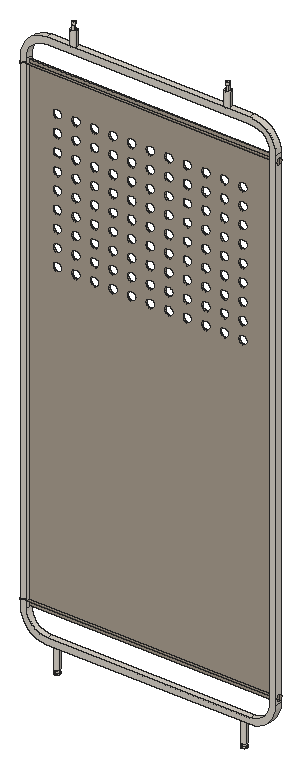
Revit family "Lives-Post+Beam_Fixed Panel_Felt_BLS5D2", category Furniture, Revit 2021
Family settings
  OmniClass Number = 23.40.20.00
  OmniClass Title = General Furniture and Specialties
  Work Plane-Based = No
  Always vertical = Yes
  Cut with Voids When Loaded = No
  Shared = No
  Room Calculation Point = No
Parameters (values of type "（ライトグレージュ）")
  Manufacturer = "株式会社オカムラ"
  製品名称 [instance] = "ライブス ポストビーム"  # constant formula
  製品コード/色仕様 = "LivesPostBeam15"  # constant formula
  製品コード [instance] = "LivesPostBeam15"  # constant formula
  色仕様名称 [instance] = "ライトグレージュ"
  色仕様コード [instance] = ""
  本体 = okm_ZH17
  導入日 [instance] = ""
  共通仕様 = ""
  備考 = ""
  シリアルNo [instance] = ""
  Keynote = "12490"
  パネル = okm_FJZ0
  Default Elevation = 0.0"
  Assembly Code = "E2020200"
  W = 35.43307"  # constant formula
  URL = "http://www.okamura.co.jp/"
  Product_URL = ""
  ID [instance] = ""
  H = 80.31496"  # constant formula
  D = 0.82677"  # constant formula
  Copyright [instance] = "©2022.10 okamura Corp."  # constant formula
Types (5): name | 色仕様名称 | 本体
  (no name) | "ライトグレージュ" | okm_ZH17
  （ライトグレージュ） | "ライトグレージュ" | okm_ZH17
  （ブラック） | "ブラック" | okm_ZK25
  （ネオホワイト） | "ネオホワイト" | okm_ZA75
  （ダークグレー） | "ダークグレー" | okm_ZH15
Reference planes (in)
  plane 1 "中心(正面/背面)": y = 0
  plane 2: z = 0
  plane 3 "中心(左/右)": x = 0
  plane 4 "左": x = -17.71654
  plane 5 "右": x = 17.71654
  plane 6 "背面": y = 0.41339
  plane 7 "正面": y = -0.41339
  plane 8 "上": z = 80.31496
  plane 9: z = 78.34646
Forms (in)
  Extrusion 1, solid, material "okm_ZH17" <- "本体"
    sketch origin (0, 0, 0) x (1, 0, 0) y (0, 0, 1)
      loop
        line (-17.61811, 74.76378) -> (-17.61811, 6.92913)
        arc (-17.61811, 6.92913) -> (-16.56877, 4.3958) -> (-14.03543, 3.34646) r 3.58268
        line (-14.03543, 3.34646) -> (14.03543, 3.34646)
        arc (14.03543, 3.34646) -> (16.56877, 4.3958) -> (17.61811, 6.92913) r 3.58268
        line (17.61811, 6.92913) -> (17.61811, 74.76378)
        arc (17.61811, 74.76378) -> (16.56877, 77.29711) -> (14.03543, 78.34646) r 3.58268
        line (14.03543, 78.34646) -> (-14.03543, 78.34646)
        arc (-14.03543, 78.34646) -> (-16.56877, 77.29711) -> (-17.61811, 74.76378) r 3.58268
      loop
        arc (-16.79134, 6.92913) -> (-15.98415, 4.98041) -> (-14.03543, 4.17323) r 2.75591
        line (-14.03543, 4.17323) -> (14.03543, 4.17323)
        arc (14.03543, 4.17323) -> (15.98415, 4.98041) -> (16.79134, 6.92913) r 2.75591
        line (16.79134, 6.92913) -> (16.79134, 74.76378)
        arc (16.79134, 74.76378) -> (15.98415, 76.7125) -> (14.03543, 77.51969) r 2.75591
        line (14.03543, 77.51969) -> (-14.03543, 77.51969)
        arc (-14.03543, 77.51969) -> (-15.98415, 76.7125) -> (-16.79134, 74.76378) r 2.75591
        line (-16.79134, 74.76378) -> (-16.79134, 6.92913)
    from -0.41339 to 0.41339
  Extrusion 2, solid, material "okm_FJZ0"
    sketch origin (0, 0, 0) x (1, 0, 0) y (0, 0, 1)
      loop
        line (-16.77165, 7.12601) -> (16.77165, 7.12601) -> (16.77165, 74.56695) -> (-16.77165, 74.56695) -> (-16.77165, 7.12601)
      loop
        circle (0, 69.09451) r 0.59055
      loop
        circle (0, 66.73308) r 0.59055
      loop
        circle (0, 64.37165) r 0.59055
      loop
        circle (0, 59.6488) r 0.59055
      loop
        circle (0, 62.01023) r 0.59055
      loop
        circle (0, 50.20308) r 0.59055
      loop
        circle (0, 52.56451) r 0.59055
      loop
        circle (0, 54.92594) r 0.59055
      loop
        circle (0, 57.28737) r 0.59055
      loop
        circle (2.5582, 69.09451) r 0.59055
      loop
        circle (2.5582, 66.73308) r 0.59055
      loop
        circle (2.5582, 64.37165) r 0.59055
      loop
        circle (2.5582, 59.6488) r 0.59055
      loop
        circle (2.5582, 62.01023) r 0.59055
      loop
        circle (2.5582, 50.20308) r 0.59055
      loop
        circle (2.5582, 52.56451) r 0.59055
      loop
        circle (2.5582, 54.92594) r 0.59055
      loop
        circle (2.5582, 57.28737) r 0.59055
      loop
        circle (5.1164, 69.09451) r 0.59055
      loop
        circle (5.1164, 66.73308) r 0.59055
      loop
        circle (5.1164, 64.37165) r 0.59055
      loop
        circle (5.1164, 59.6488) r 0.59055
      loop
        circle (5.1164, 62.01023) r 0.59055
      loop
        circle (5.1164, 50.20308) r 0.59055
      loop
        circle (5.1164, 52.56451) r 0.59055
      loop
        circle (5.1164, 54.92594) r 0.59055
      loop
        circle (5.1164, 57.28737) r 0.59055
      loop
        circle (10.2328, 69.09451) r 0.59055
      loop
        circle (10.2328, 66.73308) r 0.59055
      loop
        circle (10.2328, 64.37165) r 0.59055
      loop
        circle (10.2328, 59.6488) r 0.59055
      loop
        circle (10.2328, 62.01023) r 0.59055
      loop
        circle (10.2328, 50.20308) r 0.59055
      loop
        circle (10.2328, 52.56451) r 0.59055
      loop
        circle (10.2328, 54.92594) r 0.59055
      loop
        circle (10.2328, 57.28737) r 0.59055
      loop
        circle (7.6746, 69.09451) r 0.59055
      loop
        circle (7.6746, 66.73308) r 0.59055
      loop
        circle (7.6746, 64.37165) r 0.59055
      loop
        circle (7.6746, 59.6488) r 0.59055
      loop
        circle (7.6746, 62.01023) r 0.59055
      loop
        circle (7.6746, 50.20308) r 0.59055
      loop
        circle (7.6746, 52.56451) r 0.59055
      loop
        circle (7.6746, 54.92594) r 0.59055
      loop
        circle (7.6746, 57.28737) r 0.59055
      loop
        circle (12.79101, 69.09451) r 0.59055
      loop
        circle (12.79101, 66.73308) r 0.59055
      loop
        circle (12.79101, 64.37165) r 0.59055
      loop
        circle (12.79101, 59.6488) r 0.59055
      loop
        circle (12.79101, 62.01023) r 0.59055
      loop
        circle (12.79101, 50.20308) r 0.59055
      loop
        circle (12.79101, 52.56451) r 0.59055
      loop
        circle (12.79101, 54.92594) r 0.59055
      loop
        circle (12.79101, 57.28737) r 0.59055
      loop
        circle (-2.5582, 69.09451) r 0.59055
      loop
        circle (-2.5582, 66.73308) r 0.59055
      loop
        circle (-2.5582, 64.37165) r 0.59055
      loop
        circle (-2.5582, 59.6488) r 0.59055
      loop
        circle (-2.5582, 62.01023) r 0.59055
      loop
        circle (-2.5582, 50.20308) r 0.59055
      loop
        circle (-2.5582, 52.56451) r 0.59055
      loop
        circle (-2.5582, 54.92594) r 0.59055
      loop
        circle (-2.5582, 57.28737) r 0.59055
      loop
        circle (-5.1164, 69.09451) r 0.59055
      loop
        circle (-5.1164, 66.73308) r 0.59055
      loop
        circle (-5.1164, 64.37165) r 0.59055
      loop
        circle (-5.1164, 59.6488) r 0.59055
      loop
        circle (-5.1164, 62.01023) r 0.59055
      loop
        circle (-5.1164, 50.20308) r 0.59055
      loop
        circle (-5.1164, 52.56451) r 0.59055
      loop
        circle (-5.1164, 54.92594) r 0.59055
      loop
        circle (-5.1164, 57.28737) r 0.59055
      loop
        circle (-10.2328, 69.09451) r 0.59055
      loop
        circle (-10.2328, 66.73308) r 0.59055
      loop
        circle (-10.2328, 64.37165) r 0.59055
      loop
        circle (-10.2328, 59.6488) r 0.59055
      loop
        circle (-10.2328, 62.01023) r 0.59055
      loop
        circle (-10.2328, 50.20308) r 0.59055
      loop
        circle (-10.2328, 52.56451) r 0.59055
      loop
        circle (-10.2328, 54.92594) r 0.59055
      loop
        circle (-10.2328, 57.28737) r 0.59055
      loop
        circle (-7.6746, 69.09451) r 0.59055
      loop
        circle (-7.6746, 66.73308) r 0.59055
      loop
        circle (-7.6746, 64.37165) r 0.59055
      loop
        circle (-7.6746, 59.6488) r 0.59055
      loop
        circle (-7.6746, 62.01023) r 0.59055
      loop
        circle (-7.6746, 50.20308) r 0.59055
      loop
        circle (-7.6746, 52.56451) r 0.59055
      loop
        circle (-7.6746, 54.92594) r 0.59055
      loop
        circle (-7.6746, 57.28737) r 0.59055
      loop
        circle (-12.79101, 69.09451) r 0.59055
      loop
        circle (-12.79101, 66.73308) r 0.59055
      loop
        circle (-12.79101, 64.37165) r 0.59055
      loop
        circle (-12.79101, 59.6488) r 0.59055
      loop
        circle (-12.79101, 62.01023) r 0.59055
      loop
        circle (-12.79101, 50.20308) r 0.59055
      loop
        circle (-12.79101, 52.56451) r 0.59055
      loop
        circle (-12.79101, 54.92594) r 0.59055
      loop
        circle (-12.79101, 57.28737) r 0.59055
    from -0.03937 to 0.03937
  Revolve 3, solid, material "okm_ZH17" <- "本体"
    sketch origin (0, 0, 0) x (1, 0, 0) y (0, 0, 1)
      loop
        line (-10.62992, 81.29921) -> (-10.86614, 81.29921) -> (-10.86614, 81.06299) -> (-10.7874, 81.06299) -> (-10.7874, 80.31496) -> (-11.02362, 80.31496) -> (-11.02362, 78.34646) -> (-10.62992, 78.34646) -> (-10.62992, 81.29921)
      axis (-10.62992, 81.29921) -> (-10.62992, 78.34646)
    angle from 0 to 360
  Revolve 4, solid, material "okm_ZH17" <- "本体"
    sketch origin (0, 0, 0) x (-1, 0, 0) y (0, 0, 1)
      loop
        line (-10.62992, 81.29921) -> (-10.86614, 81.29921) -> (-10.86614, 81.06299) -> (-10.7874, 81.06299) -> (-10.7874, 80.31496) -> (-11.02362, 80.31496) -> (-11.02362, 78.34646) -> (-10.62992, 78.34646) -> (-10.62992, 81.29921)
      axis (-10.62992, 81.29921) -> (-10.62992, 78.34646)
    angle from 0 to 360
  Revolve 5, solid, material "okm_ZH17" <- "本体"
    sketch origin (0, 0, 81.69291) x (1, 0, 0) y (0, 0, -1)
      loop
        line (-13.26969, 81.10236) -> (-13.26969, 78.34646) -> (-12.8937, 78.34646) -> (-12.8937, 81.69291) -> (-13.24729, 81.69291)
        arc (-13.24729, 81.69291) -> (-13.27513, 81.68138) -> (-13.28666, 81.65354) r 0.03937
        line (-13.28666, 81.65354) -> (-13.28666, 81.5748)
        arc (-13.28666, 81.5748) -> (-13.27513, 81.54696) -> (-13.24729, 81.53543) r 0.03937
        line (-13.24729, 81.53543) -> (-13.1892, 81.53543) -> (-13.1892, 81.29921) -> (-13.09055, 81.29921)
        arc (-13.09055, 81.29921) -> (-13.06271, 81.28768) -> (-13.05118, 81.25984) r 0.03937
        line (-13.05118, 81.25984) -> (-13.05118, 81.10236) -> (-13.26969, 81.10236)
      axis (-12.8937, 78.34646) -> (-12.8937, 81.69291)
    angle from 0 to 360
  Revolve 6, solid, material "okm_ZH17" <- "本体"
    sketch origin (0, 0, 81.69291) x (-1, 0, 0) y (0, 0, -1)
      loop
        line (-13.26969, 81.10236) -> (-13.26969, 78.34646) -> (-12.8937, 78.34646) -> (-12.8937, 81.69291) -> (-13.24729, 81.69291)
        arc (-13.24729, 81.69291) -> (-13.27513, 81.68138) -> (-13.28666, 81.65354) r 0.03937
        line (-13.28666, 81.65354) -> (-13.28666, 81.5748)
        arc (-13.28666, 81.5748) -> (-13.27513, 81.54696) -> (-13.24729, 81.53543) r 0.03937
        line (-13.24729, 81.53543) -> (-13.1892, 81.53543) -> (-13.1892, 81.29921) -> (-13.09055, 81.29921)
        arc (-13.09055, 81.29921) -> (-13.06271, 81.28768) -> (-13.05118, 81.25984) r 0.03937
        line (-13.05118, 81.25984) -> (-13.05118, 81.10236) -> (-13.26969, 81.10236)
      axis (-12.8937, 78.34646) -> (-12.8937, 81.69291)
    angle from 0 to 360
  Revolve 7, solid, material "okm_FJZ0"
    sketch origin (0, 0, 0) x (1, 0, 0) y (0, 0, 1)
      loop
        line (17.61811, 7.88191) -> (-17.61811, 7.88191) -> (-17.61811, 8.07876) -> (-17.71654, 8.07876) -> (-17.71654, 7.72443) -> (17.71654, 7.72443) -> (17.71654, 8.07876) -> (17.61811, 8.07876) -> (17.61811, 7.88191)
      axis (17.71654, 7.72443) -> (-17.71654, 7.72443)
    angle from 0 to 360
  Revolve 8, solid, material "okm_FJZ0"
    sketch origin (0, 0, 81.69291) x (1, 0, 0) y (0, 0, -1)
      loop
        line (17.61811, 7.88191) -> (-17.61811, 7.88191) -> (-17.61811, 8.07876) -> (-17.71654, 8.07876) -> (-17.71654, 7.72443) -> (17.71654, 7.72443) -> (17.71654, 8.07876) -> (17.61811, 8.07876) -> (17.61811, 7.88191)
      axis (17.71654, 7.72443) -> (-17.71654, 7.72443)
    angle from 0 to 360
Lines and regions (in)
  Masking region 1
    outline origin (0, 0, 0) x (1, 0, 0) y (0, 1, 0)
      loop
        line (-17.71654, 0.41339) -> (-17.71654, -0.41339) -> (17.71654, -0.41339) -> (17.71654, 0.41339) -> (-17.71654, 0.41339)
  symbolic lines, style "okm_標準・詳細", detail levels medium+fine
    curve 1: line (-17.71654, -0.68898, 0) -> (-17.71654, 0.68898, 0)
  symbolic lines, style "okm_簡略", detail levels coarse
    curve 2: line (-17.71654, 0.68898, 0) -> (-17.71654, -0.68898, 0)
Dimensions and locks (in)
  equal spacing: plane 4 "左", plane 3 "中心(左/右)", plane 5 "右"
  "W": plane 4 "左" to plane 5 "右"
  equal spacing: plane 7 "正面", plane 1 "中心(正面/背面)", plane 6 "背面"
  "D": plane 7 "正面" to plane 6 "背面"
  "H": plane 8 "上" to level
  plane 8 "上" to plane 9 = 1.9685"
  aligned and locked: level to plane 2
Automatic sketch dimensions
  curve 1 to plane 4 "左" = 0.0"
  plane 7 "正面" to curve 2 = 0.27559"
  curve 2 to plane 6 "背面" = 0.27559"
  Extrusion 1 sketch curve to Extrusion 1 sketch curve = 0.0"  (x8)
  Extrusion 1 sketch curve to plane 9 = 0.0"
  plane 4 "左" to Extrusion 1 sketch curve = 0.09843"
  Extrusion 1 sketch curve to Extrusion 1 sketch curve = 0.82677"
  Extrusion 1 sketch curve to Extrusion 1 sketch curve = 2.75591"  (x2)
  Extrusion 1 sketch curve to plane 5 "右" = 3.6811"  (x2)
  Extrusion 1 sketch curve to plane 5 "右" = 0.9252"
  level to Extrusion 1 sketch curve = 6.92913"
  Extrusion 2 sketch curve to plane 3 "中心(左/右)" = 0.0"  (x9)
  Extrusion 2 sketch curve to Extrusion 2 sketch curve = 2.5582"  (x25)
  Extrusion 2 sketch curve to Extrusion 2 sketch curve = 0.0"  (x72)
  plane 4 "左" to Extrusion 2 sketch curve = 0.94488"
  plane 3 "中心(左/右)" to Extrusion 2 sketch curve = 2.5582"  (x3)
  Extrusion 2 sketch curve to plane 5 "右" = 0.94488"
  level to Extrusion 2 sketch curve = 7.12601"
  Extrusion 2 sketch curve to plane 9 = 28.14337"
  Extrusion 2 sketch curve to Extrusion 2 sketch curve = 2.36143"  (x88)
  Extrusion 2 sketch curve to plane 9 = 3.7795"
  Masking region 1 sketch curve to plane 4 "左" = 0.0"
  Masking region 1 sketch curve to plane 5 "右" = 0.0"
  plane 7 "正面" to Masking region 1 sketch curve = 0.0"
  plane 6 "背面" to Masking region 1 sketch curve = 0.0"
  Revolve 3 sketch curve to plane 9 = 0.0"
  Revolve 3 sketch curve to plane 8 "上" = 0.0"
  plane 4 "左" to Revolve 3 sketch curve = 6.69291"
  Revolve 3 sketch curve to Revolve 3 sketch curve = 0.15748"
  Revolve 3 sketch curve to Revolve 3 sketch curve = 0.23622"  (x2)
  Revolve 3 sketch curve to Revolve 3 sketch curve = 0.3937"
  plane 8 "上" to Revolve 3 sketch curve = 0.74803"
  Revolve 3 sketch curve to Revolve 3 sketch curve = 0.0"
  Revolve 3 sketch curve to Revolve 3 sketch curve = 0.03937"
  Revolve 3 sketch curve to Revolve 3 sketch curve = 0.59055"
  Revolve 4 sketch curve to plane 9 = 0.0"
  Revolve 4 sketch curve to plane 8 "上" = 0.0"
  plane 5 "右" to Revolve 4 sketch curve = 6.69291"
  Revolve 4 sketch curve to Revolve 4 sketch curve = 0.15748"
  Revolve 4 sketch curve to Revolve 4 sketch curve = 0.23622"  (x2)
  Revolve 4 sketch curve to Revolve 4 sketch curve = 0.3937"
  Revolve 4 sketch curve to plane 8 "上" = 0.74803"
  Revolve 4 sketch curve to Revolve 4 sketch curve = 0.0"
  Revolve 4 sketch curve to Revolve 4 sketch curve = 0.03937"
  Revolve 4 sketch curve to Revolve 4 sketch curve = 0.59055"
  Revolve 5 sketch curve to level = 0.0"  (x2)
  Revolve 5 sketch curve to level = 0.11811"
  Revolve 5 sketch curve to plane 4 "左" = 4.42987"
  Revolve 5 sketch curve to Revolve 5 sketch curve = 0.01698"
  Revolve 5 sketch curve to Revolve 5 sketch curve = 0.03937"  (x3)
  Revolve 5 sketch curve to Revolve 5 sketch curve = 0.0581"
  Revolve 5 sketch curve to Revolve 5 sketch curve = 0.09864"
  Revolve 5 sketch curve to Revolve 5 sketch curve = 0.37598"
  Revolve 5 sketch curve to Revolve 5 sketch curve = 0.23622"
  Revolve 5 sketch curve to Revolve 5 sketch curve = 0.15748"
  Revolve 5 sketch curve to Revolve 5 sketch curve = 2.75591"
  Revolve 5 sketch curve to Revolve 5 sketch curve = 0.0"
  Revolve 5 sketch curve to Revolve 5 sketch curve = 0.98425"
  Revolve 6 sketch curve to level = 0.0"  (x2)
  level to Revolve 6 sketch curve = 0.11811"
  Revolve 6 sketch curve to plane 5 "右" = 4.42987"
  Revolve 6 sketch curve to Revolve 6 sketch curve = 0.01698"
  Revolve 6 sketch curve to Revolve 6 sketch curve = 0.03937"  (x3)
  Revolve 6 sketch curve to Revolve 6 sketch curve = 0.0581"
  Revolve 6 sketch curve to Revolve 6 sketch curve = 0.09864"
  Revolve 6 sketch curve to Revolve 6 sketch curve = 0.37598"
  Revolve 6 sketch curve to Revolve 6 sketch curve = 0.23622"
  Revolve 6 sketch curve to Revolve 6 sketch curve = 0.15748"
  Revolve 6 sketch curve to Revolve 6 sketch curve = 2.75591"
  Revolve 6 sketch curve to Revolve 6 sketch curve = 0.0"
  Revolve 6 sketch curve to level = 0.98425"
  Revolve 7 sketch curve to plane 4 "左" = 0.0"  (x2)
  Revolve 7 sketch curve to plane 5 "右" = 0.0"
  Revolve 7 sketch curve to Revolve 7 sketch curve = 0.09843"
  Revolve 7 sketch curve to plane 5 "右" = 0.09843"
  level to Revolve 7 sketch curve = 7.72443"
  Revolve 7 sketch curve to Revolve 7 sketch curve = 0.15748"
  Revolve 7 sketch curve to Revolve 7 sketch curve = 0.19685"  (x2)
  Revolve 7 sketch curve to plane 4 "左" = 1.10376"
  Revolve 7 sketch curve to Revolve 7 sketch curve = 0.0"
  Revolve 8 sketch curve to plane 4 "左" = 0.0"  (x2)
  Revolve 8 sketch curve to plane 5 "右" = 0.0"
  Revolve 8 sketch curve to Revolve 8 sketch curve = 0.09843"
  plane 5 "右" to Revolve 8 sketch curve = 0.09843"
  plane 9 to Revolve 8 sketch curve = 4.37798"
  Revolve 8 sketch curve to Revolve 8 sketch curve = 0.15748"
  Revolve 8 sketch curve to Revolve 8 sketch curve = 0.19685"  (x2)
  plane 4 "左" to Revolve 8 sketch curve = 1.10376"
  Revolve 8 sketch curve to Revolve 8 sketch curve = 0.0"
  radius of Extrusion 2 sketch curve = 0.59055"  (x99)
